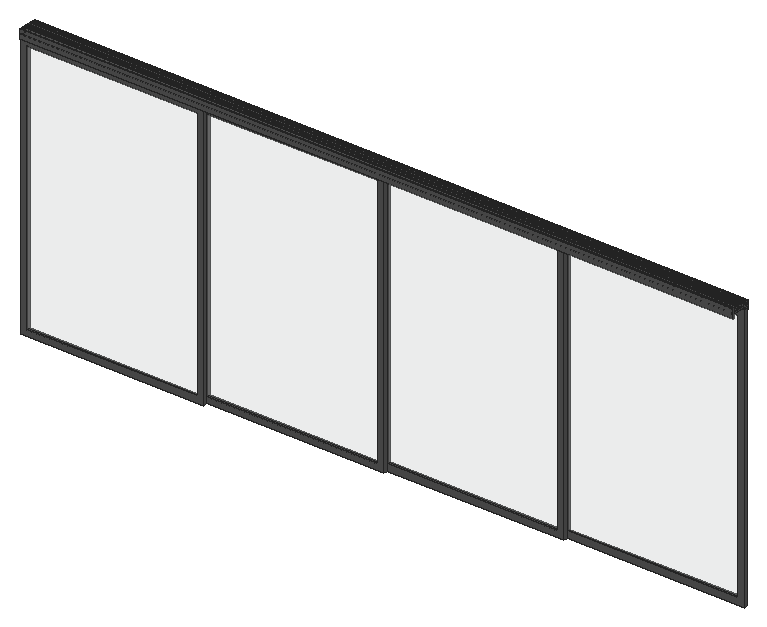
Revit family "Door_SS_The Sliding Door Company_4-Panel Quad Track", category Doors, host Wall, Revit 2019
Family settings
  Host = Wall
  OmniClass Number = 23.30.10.00
  OmniClass Title = Doors
  Always vertical = Yes
  Cut with Voids When Loaded = No
  Shared = No
  Room Calculation Point = No
Parameters (values of type "SS Room Divider - 4 Panel 4 Track - ABCD/DCBA")
  Upper Track Material [instance] = TSDC - Casing/Upper Track - Powder Coated Black
  URL = "https://www.slidingdoorco.com"
  Thickness = 1 1/4"  # constant formula
  Structural Support = "Suspended Systems MUST be installed into structural wood header"  # constant formula
  Stile and Rail = 2 1/2"
  Rough Width = Finished Opening Width + 5/8" * 2  # 281 1/4"
  Rough Height = Finished Opening Height + 5/8"  # 108 5/8"
  Panel Width = Width / 4 + 1 7/8"  # 71 7/8"
  Panel Height = Height - 2 1/4"  # 105 3/4"
  Open [instance] = no
  Model = "Suspended System - Full Height System"  # constant formula
  Manufacturer = "The Sliding Door Company"  # constant formula
  Limitations = "Panel Width x System Height cannot exceed 7,400 square inches"  # constant formula
  Glass Thickness = "Available in: 5mm Tempered, 7mm,10mm,11mm Laminated Glass"  # constant formula
  Glass Material [instance] = TSDC - Glass - Clear
  Function = Interior
  Height = if(Finished Opening Height > 122", 122", Finished Opening Height)  # 108"
  Wall Closure = By host
  Width = if(Finished Opening Width > 280", 280", Finished Opening Width)  # 280"
  Fire Rating = "N/A"  # constant formula
  Finished Opening Width = 280"
  Finished Opening Height = 108"
  Door Casing Material [instance] = TSDC - Casing/Upper Track - Powder Coated Black
  Description = "4 Panel Suspended System with 4 Track"  # constant formula
  Contact The Sliding Door Company = "https://www.slidingdoorco.com/contact"
  Construction Type = "Top Mounted, Suspended System"  # constant formula
  Configuration = "ABCD/DCBA Configuration"  # constant formula
  Closed [instance] = not(Open)  # yes
  Clear Opening Height = Finished Opening Height - 3 9/16"  # 104 7/16"
  Analytic Construction = "<None>"
  2 1/2" Frame (No Support Dividers) = "Max. H=108 in., Max. W=280 in. (72 in. panel width)"  # constant formula
Reference planes (in)
  plane 1 "Center (Front/Back)": y = 0
  plane 2 "Center (Left/Right)": x = 0
  plane 3 "Top": z = 108
  plane 4 "Exterior": y = 3
  plane 5 "Interior": y = -3
  plane 6: x = -140
  plane 7: x = 140
  plane 8: z = 0.625
  plane 9 "Top": z = 96
  plane 10 "2": z = 94.375
  plane 11 "3": z = 95.25
  plane 12 "Top": z = 96
  plane 13 "2": z = 94.375
  plane 14 "3": z = 95.25
  plane 15 "Top": z = 80
  plane 16: x = -50
  plane 17: x = 50
  plane 18 "2": z = 78.375
  plane 19 "3": z = 79.25
  plane 20: x = -70
  plane 21: x = 70
  plane 22: z = 106.20866
  plane 23: z = 105.20866
  plane 24 "4": z = 104.4375
  plane 25: x = -68.125
  plane 26: x = -70.625
  plane 27: x = 1.25
  plane 28: x = -1.25
  plane 29: x = 70.625
  plane 30: x = 68.125
Forms (in)
  Extrusion 1, solid, material "TSDC - Casing/Upper Track - Powder Coated Black" <- "Door Casing Material", visible <- "Closed"
    sketch origin (47.66587, 2.61969, 0) x (1, 0, 0) y (0, 0, 1)
      loop
        line (92.33413, 105.20866) -> (20.45913, 105.20866) -> (20.45913, 0.625) -> (92.33413, 0.625) -> (92.33413, 105.20866)
      loop
        line (89.83413, 102.70866) -> (22.95913, 102.70866) -> (22.95913, 3.125) -> (89.83413, 3.125) -> (89.83413, 102.70866)
    from 0 to 1.25
  Extrusion 2, solid, material "TSDC - Glass - Clear" <- "Glass Material", visible <- "Closed"
    sketch origin (47.66587, 2.11969, 0) x (1, 0, 0) y (0, 0, 1)
      loop
        line (89.83413, 102.70866) -> (22.95913, 102.70866) -> (22.95913, 3.125) -> (89.83413, 3.125) -> (89.83413, 102.70866)
    from 0 to 0.25
  Extrusion 3, solid, material "TSDC - Casing/Upper Track - Powder Coated Black", not visible
    sketch origin (0, 0.8784, 0.00198) x (0, 1, 0) y (0, 0, 1)
      loop
        line (1.17662, -0.00198) -> (1.7466, -0.00198) -> (1.7466, 0.11422) -> (1.63872, 0.16601) -> (1.5898, 0.16) -> (1.58595, 0.19134) -> (1.49638, 0.23434) -> (1.44746, 0.22833) -> (1.44362, 0.25967) -> (1.35493, 0.30224) -> (1.30601, 0.29623) -> (1.30216, 0.32757) -> (1.21825, 0.36785)
        arc (1.21825, 0.36785) -> (1.19583, 0.37043) -> (1.17662, 0.35859) r 0.03449
        line (1.17662, 0.35859) -> (1.17662, 0.26961) -> (1.14379, 0.26961) -> (1.14379, 0.30227) -> (1.11271, 0.30227) -> (1.11271, 0.05752) -> (1.14379, 0.05752) -> (1.14379, 0.08934) -> (1.17662, 0.08934) -> (1.17662, -0.00198)
      loop
        line (1.6966, 0.05) -> (1.6966, 0.08276) -> (1.2346, 0.30454) -> (1.2346, 0.05) -> (1.6966, 0.05)
    from -50 to 50
  Extrusion 4, solid, material "TSDC - Casing/Upper Track - Powder Coated Black", not visible
    sketch origin (0, 0.8784, 0.00198) x (0, 1, 0) y (0, 0, 1)
      loop
        arc (1.17662, 0.34104) -> (1.17081, 0.35508) -> (1.15677, 0.36093) r 0.01985
        line (1.15677, 0.36093) -> (1.07541, 0.36093)
        arc (1.07541, 0.36093) -> (1.06136, 0.3551) -> (1.05556, 0.34103) r 0.01985
        line (1.05556, 0.34103) -> (1.05556, 0.20299) -> (0.9831, 0.20299) -> (0.9831, 0.28602)
        arc (0.9831, 0.28602) -> (0.87384, 0.39506) -> (0.76472, 0.28588) r 0.10919
        line (0.76472, 0.28588) -> (0.82428, 0.28588)
        arc (0.82428, 0.28588) -> (0.87397, 0.3355) -> (0.92354, 0.28575) r 0.04963
        line (0.92354, 0.28575) -> (0.92354, 0.14753) -> (1.05556, 0.10767) -> (1.05556, 0.05757) -> (0.38753, 0.05757) -> (0.38753, 0.36093) -> (-0.56932, 0.36093) -> (-0.56932, 0.20299) -> (-0.64178, 0.20299) -> (-0.64178, 0.28602)
        arc (-0.64178, 0.28602) -> (-0.75104, 0.39506) -> (-0.86016, 0.28588) r 0.10919
        line (-0.86016, 0.28588) -> (-0.8006, 0.28588)
        arc (-0.8006, 0.28588) -> (-0.75091, 0.3355) -> (-0.70134, 0.28575) r 0.04963
        line (-0.70134, 0.28575) -> (-0.70134, 0.14753) -> (-0.56932, 0.10767) -> (-0.56932, 0.05757) -> (-1.23735, 0.05757) -> (-1.23735, 0.36093) -> (-2.19421, 0.36093) -> (-2.19421, 0.20299) -> (-2.26667, 0.20299) -> (-2.26667, 0.28602)
        arc (-2.26667, 0.28602) -> (-2.37592, 0.39506) -> (-2.48504, 0.28588) r 0.10919
        line (-2.48504, 0.28588) -> (-2.42548, 0.28588)
        arc (-2.42548, 0.28588) -> (-2.37579, 0.3355) -> (-2.32622, 0.28575) r 0.04963
        line (-2.32622, 0.28575) -> (-2.32622, 0.14753) -> (-2.19421, 0.10767) -> (-2.19421, 0.05757) -> (-2.86223, 0.05757) -> (-2.86223, 0.34103)
        arc (-2.86223, 0.34103) -> (-2.86803, 0.3551) -> (-2.88208, 0.36093) r 0.01985
        line (-2.88208, 0.36093) -> (-2.96344, 0.36093)
        arc (-2.96344, 0.36093) -> (-2.97751, 0.35509) -> (-2.9833, 0.341) r 0.01985
        line (-2.9833, 0.341) -> (-2.9833, 0.26961) -> (-2.95059, 0.26961) -> (-2.95059, 0.30227) -> (-2.91939, 0.30227) -> (-2.91939, 0.05752) -> (-2.95046, 0.05752) -> (-2.95046, 0.08934) -> (-2.9833, 0.08934) -> (-2.9833, -0.00198) -> (-2.13705, -0.00198) -> (-2.10598, 0.05752) -> (-2.13705, 0.05752) -> (-2.13705, 0.30227) -> (-1.29451, 0.30227) -> (-1.29451, 0.05752) -> (-1.32558, 0.05752) -> (-1.29451, -0.00198) -> (-0.51217, -0.00198) -> (-0.4811, 0.05752) -> (-0.51217, 0.05752) -> (-0.51217, 0.30227) -> (0.33038, 0.30227) -> (0.33038, 0.05752) -> (0.2993, 0.05752) -> (0.33038, -0.00198) -> (1.17662, -0.00198) -> (1.17662, 0.08934) -> (1.14379, 0.08934) -> (1.14379, 0.05752) -> (1.11271, 0.05752) -> (1.11271, 0.30227) -> (1.14379, 0.30227) -> (1.14379, 0.26961) -> (1.17662, 0.26961) -> (1.17662, 0.34104)
    from -50 to 50
  Extrusion 5, solid, material "TSDC - Casing/Upper Track - Powder Coated Black", not visible
    sketch origin (0, -0.92827, 0.00198) x (0, -1, 0) y (0, 0, -1)
      loop
        line (1.17662, 0.00198) -> (1.17662, -0.08934) -> (1.14379, -0.08934) -> (1.14379, -0.05752) -> (1.11271, -0.05752) -> (1.11271, -0.30227) -> (1.14379, -0.30227) -> (1.14379, -0.26961) -> (1.17662, -0.26961) -> (1.17662, -0.35859)
        arc (1.17662, -0.35859) -> (1.19583, -0.37043) -> (1.21825, -0.36785) r 0.03449
        line (1.21825, -0.36785) -> (1.30216, -0.32757) -> (1.30601, -0.29623) -> (1.35493, -0.30224) -> (1.44362, -0.25967) -> (1.44746, -0.22833) -> (1.49638, -0.23434) -> (1.58595, -0.19134) -> (1.5898, -0.16) -> (1.63872, -0.16601) -> (1.7466, -0.11422) -> (1.7466, 0.00198) -> (1.17662, 0.00198)
      loop
        line (1.6966, -0.05) -> (1.2346, -0.05) -> (1.2346, -0.30454) -> (1.6966, -0.08276) -> (1.6966, -0.05)
    from -50 to 50
  Extrusion 6, solid, material "TSDC - Casing/Upper Track - Powder Coated Black", not visible
    sketch origin (0, 1.25781, 0) x (0, 1, 0) y (0, 0, 1)
      loop
        line (1.74219, 96) -> (-2.99219, 96) -> (-2.99219, 93.875) -> (-2.93359, 93.875) -> (-2.93359, 95.94141) -> (-1.43359, 95.94141) -> (-1.43359, 93.875) -> (-1.375, 93.875) -> (-1.375, 95.94141) -> (0.125, 95.94141) -> (0.125, 93.875) -> (0.18359, 93.875) -> (0.18359, 95.94141) -> (1.68359, 95.94141) -> (1.68359, 93.875) -> (1.74219, 93.875) -> (1.74219, 96)
    from -50 to 50
  Extrusion 7, solid, material "TSDC - Casing/Upper Track - Powder Coated Black", visible <- "Open", not visible
    sketch origin (-18.0008, 2.81641, 0) x (1, 0, 0) y (0, 0, 1)
      loop
        line (2.33413, 94.375) -> (-31.9992, 94.375) -> (-31.9992, 0.625) -> (2.33413, 0.625) -> (2.33413, 94.375)
      loop
        line (0.83413, 92.875) -> (-30.4992, 92.875) -> (-30.4992, 2.125) -> (0.83413, 2.125) -> (0.83413, 92.875)
    from 0 to 1.25
  Extrusion 8, solid, material "TSDC - Glass - Clear", visible <- "Open", not visible
    sketch origin (-18.0008, 2.31641, 0) x (1, 0, 0) y (0, 0, 1)
      loop
        line (0.83413, 92.875) -> (-30.4992, 92.875) -> (-30.4992, 2.125) -> (0.83413, 2.125) -> (0.83413, 92.875)
    from 0 to 0.25
  Extrusion 9, solid, material "TSDC - Casing/Upper Track - Powder Coated Black", visible <- "Open", not visible
    sketch origin (-44.66746, 1.25781, 0) x (1, 0, 0) y (0, 0, 1)
      loop
        line (29.0008, 94.375) -> (-5.33254, 94.375) -> (-5.33254, 0.625) -> (29.0008, 0.625) -> (29.0008, 94.375)
      loop
        line (27.5008, 92.875) -> (-3.83254, 92.875) -> (-3.83254, 2.125) -> (27.5008, 2.125) -> (27.5008, 92.875)
    from 0 to 1.25
  Extrusion 10, solid, material "TSDC - Glass - Clear", visible <- "Open", not visible
    sketch origin (-44.66746, 0.75781, 0) x (1, 0, 0) y (0, 0, 1)
      loop
        line (27.5008, 92.875) -> (-3.83254, 92.875) -> (-3.83254, 2.125) -> (27.5008, 2.125) -> (27.5008, 92.875)
    from 0 to 0.25
  Extrusion 11, solid, material "TSDC - Casing/Upper Track - Powder Coated Black", visible <- "Open", not visible
    sketch origin (-71.33413, -0.30078, 0) x (1, 0, 0) y (0, 0, 1)
      loop
        line (55.66746, 94.375) -> (21.33413, 94.375) -> (21.33413, 0.625) -> (55.66746, 0.625) -> (55.66746, 94.375)
      loop
        line (54.16746, 92.875) -> (22.83413, 92.875) -> (22.83413, 2.125) -> (54.16746, 2.125) -> (54.16746, 92.875)
    from 0 to 1.25
  Extrusion 12, solid, material "TSDC - Glass - Clear", visible <- "Open", not visible
    sketch origin (-71.33413, -0.80078, 0) x (1, 0, 0) y (0, 0, 1)
      loop
        line (54.16746, 92.875) -> (22.83413, 92.875) -> (22.83413, 2.125) -> (54.16746, 2.125) -> (54.16746, 92.875)
    from 0 to 0.25
  Extrusion 13, solid, material "TSDC - Casing/Upper Track - Powder Coated Black", visible <- "Closed", not visible
    sketch origin (-11.83413, 1.25781, 0) x (1, 0, 0) y (0, 0, 1)
      loop
        line (29.0008, 94.375) -> (-5.33254, 94.375) -> (-5.33254, 0.625) -> (29.0008, 0.625) -> (29.0008, 94.375)
      loop
        line (27.5008, 92.875) -> (-3.83254, 92.875) -> (-3.83254, 2.125) -> (27.5008, 2.125) -> (27.5008, 92.875)
    from 0 to 1.25
  Extrusion 14, solid, material "TSDC - Glass - Clear", visible <- "Closed", not visible
    sketch origin (-11.83413, 0.75781, 0) x (1, 0, 0) y (0, 0, 1)
      loop
        line (27.5008, 92.875) -> (-3.83254, 92.875) -> (-3.83254, 2.125) -> (27.5008, 2.125) -> (27.5008, 92.875)
    from 0 to 0.25
  Extrusion 15, solid, material "TSDC - Casing/Upper Track - Powder Coated Black", visible <- "Closed", not visible
    sketch origin (47.66587, 2.81641, 0) x (1, 0, 0) y (0, 0, 1)
      loop
        line (2.33413, 94.375) -> (-31.9992, 94.375) -> (-31.9992, 0.625) -> (2.33413, 0.625) -> (2.33413, 94.375)
      loop
        line (0.83413, 92.875) -> (-30.4992, 92.875) -> (-30.4992, 2.125) -> (0.83413, 2.125) -> (0.83413, 92.875)
    from 0 to 1.25
  Extrusion 16, solid, material "TSDC - Glass - Clear", visible <- "Closed", not visible
    sketch origin (47.66587, 2.31641, 0) x (1, 0, 0) y (0, 0, 1)
      loop
        line (0.83413, 92.875) -> (-30.4992, 92.875) -> (-30.4992, 2.125) -> (0.83413, 2.125) -> (0.83413, 92.875)
    from 0 to 0.25
  Extrusion 17, solid, material "TSDC - Casing/Upper Track - Powder Coated Black", visible <- "Closed", not visible
    sketch origin (-71.33413, -0.30078, 0) x (1, 0, 0) y (0, 0, 1)
      loop
        line (55.66746, 94.375) -> (21.33413, 94.375) -> (21.33413, 0.625) -> (55.66746, 0.625) -> (55.66746, 94.375)
      loop
        line (54.16746, 92.875) -> (22.83413, 92.875) -> (22.83413, 2.125) -> (54.16746, 2.125) -> (54.16746, 92.875)
    from 0 to 1.25
  Extrusion 18, solid, material "TSDC - Glass - Clear", visible <- "Closed", not visible
    sketch origin (-71.33413, -0.80078, 0) x (1, 0, 0) y (0, 0, 1)
      loop
        line (54.16746, 92.875) -> (22.83413, 92.875) -> (22.83413, 2.125) -> (54.16746, 2.125) -> (54.16746, 92.875)
    from 0 to 0.25
  Extrusion 19, solid, material "TSDC - Casing/Upper Track - Powder Coated Black", not visible
    sketch origin (0, 1.25781, 0) x (0, 1, 0) y (0, 0, 1)
      loop
        line (1.74219, 96) -> (-2.99219, 96) -> (-2.99219, 93.875) -> (-2.93359, 93.875) -> (-2.93359, 95.94141) -> (-1.43359, 95.94141) -> (-1.43359, 93.875) -> (-1.375, 93.875) -> (-1.375, 95.94141) -> (0.125, 95.94141) -> (0.125, 93.875) -> (0.18359, 93.875) -> (0.18359, 95.94141) -> (1.68359, 95.94141) -> (1.68359, 93.875) -> (1.74219, 93.875) -> (1.74219, 96)
    from -50 to 50
  Extrusion 20, solid, material "TSDC - Casing/Upper Track - Powder Coated Black", not visible
    sketch origin (0, 1.25781, 0) x (0, 1, 0) y (0, 0, 1)
      loop
        line (1.74219, 96) -> (-2.99219, 96) -> (-2.99219, 93.875) -> (-2.93359, 93.875) -> (-2.93359, 95.94141) -> (-1.43359, 95.94141) -> (-1.43359, 93.875) -> (-1.375, 93.875) -> (-1.375, 95.94141) -> (0.125, 95.94141) -> (0.125, 93.875) -> (0.18359, 93.875) -> (0.18359, 95.94141) -> (1.68359, 95.94141) -> (1.68359, 93.875) -> (1.74219, 93.875) -> (1.74219, 96)
    from -50 to 50
  Extrusion 21, solid, material "TSDC - Casing/Upper Track - Powder Coated Black", not visible
    sketch origin (0, 1.25781, 0) x (0, 1, 0) y (0, 0, 1)
      loop
        line (1.74219, 96) -> (-2.99219, 96) -> (-2.99219, 93.875) -> (-2.93359, 93.875) -> (-2.93359, 95.94141) -> (-1.43359, 95.94141) -> (-1.43359, 93.875) -> (-1.375, 93.875) -> (-1.375, 95.94141) -> (0.125, 95.94141) -> (0.125, 93.875) -> (0.18359, 93.875) -> (0.18359, 95.94141) -> (1.68359, 95.94141) -> (1.68359, 93.875) -> (1.74219, 93.875) -> (1.74219, 96)
    from -50 to 50
  Extrusion 22, solid, material "TSDC - Casing/Upper Track - Powder Coated Black", not visible
    sketch origin (0, 0.8784, 0.00198) x (0, 1, 0) y (0, 0, 1)
      loop
        line (1.17662, -0.00198) -> (1.7466, -0.00198) -> (1.7466, 0.11422) -> (1.63872, 0.16601) -> (1.5898, 0.16) -> (1.58595, 0.19134) -> (1.49638, 0.23434) -> (1.44746, 0.22833) -> (1.44362, 0.25967) -> (1.35493, 0.30224) -> (1.30601, 0.29623) -> (1.30216, 0.32757) -> (1.21825, 0.36785)
        arc (1.21825, 0.36785) -> (1.19583, 0.37043) -> (1.17662, 0.35859) r 0.03449
        line (1.17662, 0.35859) -> (1.17662, 0.26961) -> (1.14379, 0.26961) -> (1.14379, 0.30227) -> (1.11271, 0.30227) -> (1.11271, 0.05752) -> (1.14379, 0.05752) -> (1.14379, 0.08934) -> (1.17662, 0.08934) -> (1.17662, -0.00198)
      loop
        line (1.6966, 0.05) -> (1.6966, 0.08276) -> (1.2346, 0.30454) -> (1.2346, 0.05) -> (1.6966, 0.05)
    from -50 to 50
  Extrusion 23, solid, material "TSDC - Casing/Upper Track - Powder Coated Black", not visible
    sketch origin (0, 0.8784, 0.00198) x (0, 1, 0) y (0, 0, 1)
      loop
        arc (1.17662, 0.34104) -> (1.17081, 0.35508) -> (1.15677, 0.36093) r 0.01985
        line (1.15677, 0.36093) -> (1.07541, 0.36093)
        arc (1.07541, 0.36093) -> (1.06136, 0.3551) -> (1.05556, 0.34103) r 0.01985
        line (1.05556, 0.34103) -> (1.05556, 0.20299) -> (0.9831, 0.20299) -> (0.9831, 0.28602)
        arc (0.9831, 0.28602) -> (0.87384, 0.39506) -> (0.76472, 0.28588) r 0.10919
        line (0.76472, 0.28588) -> (0.82428, 0.28588)
        arc (0.82428, 0.28588) -> (0.87397, 0.3355) -> (0.92354, 0.28575) r 0.04963
        line (0.92354, 0.28575) -> (0.92354, 0.14753) -> (1.05556, 0.10767) -> (1.05556, 0.05757) -> (0.38753, 0.05757) -> (0.38753, 0.36093) -> (-0.56932, 0.36093) -> (-0.56932, 0.20299) -> (-0.64178, 0.20299) -> (-0.64178, 0.28602)
        arc (-0.64178, 0.28602) -> (-0.75104, 0.39506) -> (-0.86016, 0.28588) r 0.10919
        line (-0.86016, 0.28588) -> (-0.8006, 0.28588)
        arc (-0.8006, 0.28588) -> (-0.75091, 0.3355) -> (-0.70134, 0.28575) r 0.04963
        line (-0.70134, 0.28575) -> (-0.70134, 0.14753) -> (-0.56932, 0.10767) -> (-0.56932, 0.05757) -> (-1.23735, 0.05757) -> (-1.23735, 0.36093) -> (-2.19421, 0.36093) -> (-2.19421, 0.20299) -> (-2.26667, 0.20299) -> (-2.26667, 0.28602)
        arc (-2.26667, 0.28602) -> (-2.37592, 0.39506) -> (-2.48504, 0.28588) r 0.10919
        line (-2.48504, 0.28588) -> (-2.42548, 0.28588)
        arc (-2.42548, 0.28588) -> (-2.37579, 0.3355) -> (-2.32622, 0.28575) r 0.04963
        line (-2.32622, 0.28575) -> (-2.32622, 0.14753) -> (-2.19421, 0.10767) -> (-2.19421, 0.05757) -> (-2.86223, 0.05757) -> (-2.86223, 0.34103)
        arc (-2.86223, 0.34103) -> (-2.86803, 0.3551) -> (-2.88208, 0.36093) r 0.01985
        line (-2.88208, 0.36093) -> (-2.96344, 0.36093)
        arc (-2.96344, 0.36093) -> (-2.97751, 0.35509) -> (-2.9833, 0.341) r 0.01985
        line (-2.9833, 0.341) -> (-2.9833, 0.26961) -> (-2.95059, 0.26961) -> (-2.95059, 0.30227) -> (-2.91939, 0.30227) -> (-2.91939, 0.05752) -> (-2.95046, 0.05752) -> (-2.95046, 0.08934) -> (-2.9833, 0.08934) -> (-2.9833, -0.00198) -> (-2.13705, -0.00198) -> (-2.10598, 0.05752) -> (-2.13705, 0.05752) -> (-2.13705, 0.30227) -> (-1.29451, 0.30227) -> (-1.29451, 0.05752) -> (-1.32558, 0.05752) -> (-1.29451, -0.00198) -> (-0.51217, -0.00198) -> (-0.4811, 0.05752) -> (-0.51217, 0.05752) -> (-0.51217, 0.30227) -> (0.33038, 0.30227) -> (0.33038, 0.05752) -> (0.2993, 0.05752) -> (0.33038, -0.00198) -> (1.17662, -0.00198) -> (1.17662, 0.08934) -> (1.14379, 0.08934) -> (1.14379, 0.05752) -> (1.11271, 0.05752) -> (1.11271, 0.30227) -> (1.14379, 0.30227) -> (1.14379, 0.26961) -> (1.17662, 0.26961) -> (1.17662, 0.34104)
    from -50 to 50
  Extrusion 24, solid, material "TSDC - Casing/Upper Track - Powder Coated Black", not visible
    sketch origin (0, -0.92827, 0.00198) x (0, -1, 0) y (0, 0, -1)
      loop
        line (1.17662, 0.00198) -> (1.17662, -0.08934) -> (1.14379, -0.08934) -> (1.14379, -0.05752) -> (1.11271, -0.05752) -> (1.11271, -0.30227) -> (1.14379, -0.30227) -> (1.14379, -0.26961) -> (1.17662, -0.26961) -> (1.17662, -0.35859)
        arc (1.17662, -0.35859) -> (1.19583, -0.37043) -> (1.21825, -0.36785) r 0.03449
        line (1.21825, -0.36785) -> (1.30216, -0.32757) -> (1.30601, -0.29623) -> (1.35493, -0.30224) -> (1.44362, -0.25967) -> (1.44746, -0.22833) -> (1.49638, -0.23434) -> (1.58595, -0.19134) -> (1.5898, -0.16) -> (1.63872, -0.16601) -> (1.7466, -0.11422) -> (1.7466, 0.00198) -> (1.17662, 0.00198)
      loop
        line (1.6966, -0.05) -> (1.2346, -0.05) -> (1.2346, -0.30454) -> (1.6966, -0.08276) -> (1.6966, -0.05)
    from -50 to 50
  Extrusion 25, solid, material "TSDC - Casing/Upper Track - Powder Coated Black", not visible
    sketch origin (0, 1.25781, -16) x (0, 1, 0) y (0, 0, 1)
      loop
        line (1.74219, 96) -> (-2.99219, 96) -> (-2.99219, 93.875) -> (-2.93359, 93.875) -> (-2.93359, 95.94141) -> (-1.43359, 95.94141) -> (-1.43359, 93.875) -> (-1.375, 93.875) -> (-1.375, 95.94141) -> (0.125, 95.94141) -> (0.125, 93.875) -> (0.18359, 93.875) -> (0.18359, 95.94141) -> (1.68359, 95.94141) -> (1.68359, 93.875) -> (1.74219, 93.875) -> (1.74219, 96)
    from -50 to 50
  Extrusion 26, solid, material "TSDC - Casing/Upper Track - Powder Coated Black" <- "Door Casing Material", visible <- "Closed"
    sketch origin (23.04087, 0.91876, 0) x (1, 0, 0) y (0, 0, 1)
      loop
        line (47.58413, 105.20866) -> (-24.29087, 105.20866) -> (-24.29087, 0.625) -> (47.58413, 0.625) -> (47.58413, 105.20866)
      loop
        line (45.08413, 102.70866) -> (-21.79087, 102.70866) -> (-21.79087, 3.125) -> (45.08413, 3.125) -> (45.08413, 102.70866)
    from 0 to 1.25
  Extrusion 27, solid, material "TSDC - Glass - Clear" <- "Glass Material", visible <- "Closed"
    sketch origin (23.04087, 0.41876, 0) x (1, 0, 0) y (0, 0, 1)
      loop
        line (45.08413, 102.70866) -> (-21.79087, 102.70866) -> (-21.79087, 3.125) -> (45.08413, 3.125) -> (45.08413, 102.70866)
    from 0 to 0.25
  Extrusion 28, solid, material "TSDC - Casing/Upper Track - Powder Coated Black" <- "Door Casing Material", visible <- "Closed"
    sketch origin (-1.58413, -0.78218, 0) x (1, 0, 0) y (0, 0, 1)
      loop
        line (2.83413, 105.20866) -> (-69.04087, 105.20866) -> (-69.04087, 0.625) -> (2.83413, 0.625) -> (2.83413, 105.20866)
      loop
        line (0.33413, 102.70866) -> (-66.54087, 102.70866) -> (-66.54087, 3.125) -> (0.33413, 3.125) -> (0.33413, 102.70866)
    from 0 to 1.25
  Extrusion 29, solid, material "TSDC - Glass - Clear" <- "Glass Material", visible <- "Closed"
    sketch origin (-1.58413, -1.28218, 0) x (1, 0, 0) y (0, 0, 1)
      loop
        line (0.33413, 102.70866) -> (-66.54087, 102.70866) -> (-66.54087, 3.125) -> (0.33413, 3.125) -> (0.33413, 102.70866)
    from 0 to 0.25
  Extrusion 30, solid, material "TSDC - Casing/Upper Track - Powder Coated Black" <- "Door Casing Material", visible <- "Open"
    sketch origin (-102.70913, 2.61969, 0) x (1, 0, 0) y (0, 0, 1)
      loop
        line (34.58413, 105.20866) -> (-37.29087, 105.20866) -> (-37.29087, 0.625) -> (34.58413, 0.625) -> (34.58413, 105.20866)
      loop
        line (32.08413, 102.70866) -> (-34.79087, 102.70866) -> (-34.79087, 3.125) -> (32.08413, 3.125) -> (32.08413, 102.70866)
    from 0 to 1.25
  Extrusion 31, solid, material "TSDC - Glass - Clear" <- "Glass Material", visible <- "Open"
    sketch origin (-102.70913, 2.11969, 0) x (1, 0, 0) y (0, 0, 1)
      loop
        line (32.08413, 102.70866) -> (-34.79087, 102.70866) -> (-34.79087, 3.125) -> (32.08413, 3.125) -> (32.08413, 102.70866)
    from 0 to 0.25
  Extrusion 32, solid, material "TSDC - Casing/Upper Track - Powder Coated Black" <- "Door Casing Material", visible <- "Open"
    sketch origin (-77.20913, 0.91876, 0) x (1, 0, 0) y (0, 0, 1)
      loop
        line (9.08413, 105.20866) -> (-62.79087, 105.20866) -> (-62.79087, 0.625) -> (9.08413, 0.625) -> (9.08413, 105.20866)
      loop
        line (6.58413, 102.70866) -> (-60.29087, 102.70866) -> (-60.29087, 3.125) -> (6.58413, 3.125) -> (6.58413, 102.70866)
    from 0 to 1.25
  Extrusion 33, solid, material "TSDC - Glass - Clear" <- "Glass Material", visible <- "Open"
    sketch origin (-77.20913, 0.41876, 0) x (1, 0, 0) y (0, 0, 1)
      loop
        line (6.58413, 102.70866) -> (-60.29087, 102.70866) -> (-60.29087, 3.125) -> (6.58413, 3.125) -> (6.58413, 102.70866)
    from 0 to 0.25
  Extrusion 34, solid, material "TSDC - Casing/Upper Track - Powder Coated Black" <- "Door Casing Material", visible <- "Open"
    sketch origin (-51.70913, -0.78218, 0) x (1, 0, 0) y (0, 0, 1)
      loop
        line (-16.41587, 105.20866) -> (-88.29087, 105.20866) -> (-88.29087, 0.625) -> (-16.41587, 0.625) -> (-16.41587, 105.20866)
      loop
        line (-18.91587, 102.70866) -> (-85.79087, 102.70866) -> (-85.79087, 3.125) -> (-18.91587, 3.125) -> (-18.91587, 102.70866)
    from 0 to 1.25
  Extrusion 35, solid, material "TSDC - Glass - Clear" <- "Glass Material", visible <- "Open"
    sketch origin (-51.70913, -1.28218, 0) x (1, 0, 0) y (0, 0, 1)
      loop
        line (-18.91587, 102.70866) -> (-85.79087, 102.70866) -> (-85.79087, 3.125) -> (-18.91587, 3.125) -> (-18.91587, 102.70866)
    from 0 to 0.25
  Extrusion 36, solid, material "TSDC - Casing/Upper Track - Powder Coated Black" <- "Door Casing Material", visible <- "Open"
    sketch origin (-26.20913, -2.48437, 0) x (1, 0, 0) y (0, 0, 1)
      loop
        line (-41.91587, 105.20866) -> (-113.79087, 105.20866) -> (-113.79087, 0.625) -> (-41.91587, 0.625) -> (-41.91587, 105.20866)
      loop
        line (-44.41587, 102.70866) -> (-111.29087, 102.70866) -> (-111.29087, 3.125) -> (-44.41587, 3.125) -> (-44.41587, 102.70866)
    from 0 to 1.25
  Extrusion 37, solid, material "TSDC - Glass - Clear" <- "Glass Material", visible <- "Open"
    sketch origin (-26.20913, -2.98437, 0) x (1, 0, 0) y (0, 0, 1)
      loop
        line (-44.41587, 102.70866) -> (-111.29087, 102.70866) -> (-111.29087, 3.125) -> (-44.41587, 3.125) -> (-44.41587, 102.70866)
    from 0 to 0.25
  Extrusion 38, solid, material "TSDC - Casing/Upper Track - Powder Coated Black" <- "Door Casing Material", visible <- "Closed"
    sketch origin (-26.20913, -2.48437, 0) x (1, 0, 0) y (0, 0, 1)
      loop
        line (-41.91587, 105.20866) -> (-113.79087, 105.20866) -> (-113.79087, 0.625) -> (-41.91587, 0.625) -> (-41.91587, 105.20866)
      loop
        line (-44.41587, 102.70866) -> (-111.29087, 102.70866) -> (-111.29087, 3.125) -> (-44.41587, 3.125) -> (-44.41587, 102.70866)
    from 0 to 1.25
  Extrusion 39, solid, material "TSDC - Glass - Clear" <- "Glass Material", visible <- "Closed"
    sketch origin (-26.20913, -2.98437, 0) x (1, 0, 0) y (0, 0, 1)
      loop
        line (-44.41587, 102.70866) -> (-111.29087, 102.70866) -> (-111.29087, 3.125) -> (-44.41587, 3.125) -> (-44.41587, 102.70866)
    from 0 to 0.25
  Extrusion 40, solid, material "TSDC - Casing/Upper Track - Powder Coated Black" <- "Upper Track Material"
    sketch origin (0, -3.99219, 14) x (0, 1, 0) y (0, 0, 1)
      loop
        line (6.77485, 92.30866) -> (6.77485, 93.83805)
        arc (6.77485, 93.83805) -> (6.74556, 93.90876) -> (6.67485, 93.93805) r 0.1
        line (6.67485, 93.93805) -> (6.46222, 93.93805) -> (6.46222, 94) -> (5.51154, 94) -> (5.51154, 93.93805) -> (5.29891, 93.93805)
        arc (5.29891, 93.93805) -> (5.2282, 93.90876) -> (5.19891, 93.83805) r 0.1
        line (5.19891, 93.83805) -> (5.19891, 92.30866)
        arc (5.19891, 92.30866) -> (5.2282, 92.23795) -> (5.29891, 92.20866) r 0.1
        line (5.29891, 92.20866) -> (5.7739, 92.20866) -> (5.7739, 92.42325) -> (5.73907, 92.42325)
        arc (5.73907, 92.42325) -> (5.61684, 92.36548) -> (5.49461, 92.42325) r 0.15819
        line (5.49461, 92.42325) -> (5.41424, 92.42325)
        arc (5.41424, 92.42325) -> (5.4001, 92.42911) -> (5.39424, 92.44325) r 0.02
        line (5.39424, 92.44325) -> (5.39424, 93.78467)
        arc (5.39424, 93.78467) -> (5.4001, 93.79881) -> (5.41424, 93.80467) r 0.02
        line (5.41424, 93.80467) -> (6.55952, 93.80467)
        arc (6.55952, 93.80467) -> (6.57366, 93.79881) -> (6.57952, 93.78467) r 0.02
        line (6.57952, 93.78467) -> (6.57952, 92.44325)
        arc (6.57952, 92.44325) -> (6.57366, 92.42911) -> (6.55952, 92.42325) r 0.02
        line (6.55952, 92.42325) -> (6.47867, 92.42325)
        arc (6.47867, 92.42325) -> (6.35643, 92.36548) -> (6.2342, 92.42325) r 0.15819
        line (6.2342, 92.42325) -> (6.19986, 92.42325) -> (6.19986, 92.20866) -> (6.67485, 92.20866)
        arc (6.67485, 92.20866) -> (6.74556, 92.23795) -> (6.77485, 92.30866) r 0.1
      loop
        line (6.92891, 93.74442) -> (6.78285, 93.74442) -> (6.78285, 93.7059) -> (6.92891, 93.7059) -> (6.92891, 92.44117) -> (6.78285, 92.44117) -> (6.78285, 92.40266) -> (6.92691, 92.40266) -> (6.92904, 92.18765) -> (6.52135, 92.18765) -> (6.52135, 92.14914) -> (6.92891, 92.14914) -> (6.92891, 90.4375) -> (6.99219, 90.4375) -> (6.99219, 94) -> (6.52135, 94) -> (6.52135, 93.96148) -> (6.92891, 93.96148) -> (6.92891, 93.74442)
      loop
        line (5.07391, 92.30866) -> (5.07391, 93.83805)
        arc (5.07391, 93.83805) -> (5.04462, 93.90876) -> (4.97391, 93.93805) r 0.1
        line (4.97391, 93.93805) -> (4.76128, 93.93805) -> (4.76128, 94) -> (3.8106, 94) -> (3.8106, 93.93805) -> (3.59797, 93.93805)
        arc (3.59797, 93.93805) -> (3.52726, 93.90876) -> (3.49797, 93.83805) r 0.1
        line (3.49797, 93.83805) -> (3.49797, 92.30866)
        arc (3.49797, 92.30866) -> (3.52726, 92.23795) -> (3.59797, 92.20866) r 0.1
        line (3.59797, 92.20866) -> (4.07296, 92.20866) -> (4.07296, 92.42325) -> (4.03814, 92.42325)
        arc (4.03814, 92.42325) -> (3.9159, 92.36548) -> (3.79367, 92.42325) r 0.15819
        line (3.79367, 92.42325) -> (3.7133, 92.42325)
        arc (3.7133, 92.42325) -> (3.69916, 92.42911) -> (3.6933, 92.44325) r 0.02
        line (3.6933, 92.44325) -> (3.6933, 93.78467)
        arc (3.6933, 93.78467) -> (3.69916, 93.79881) -> (3.7133, 93.80467) r 0.02
        line (3.7133, 93.80467) -> (4.85858, 93.80467)
        arc (4.85858, 93.80467) -> (4.87272, 93.79881) -> (4.87858, 93.78467) r 0.02
        line (4.87858, 93.78467) -> (4.87858, 92.44325)
        arc (4.87858, 92.44325) -> (4.87272, 92.42911) -> (4.85858, 92.42325) r 0.02
        line (4.85858, 92.42325) -> (4.77773, 92.42325)
        arc (4.77773, 92.42325) -> (4.6555, 92.36548) -> (4.53327, 92.42325) r 0.15819
        line (4.53327, 92.42325) -> (4.49893, 92.42325) -> (4.49893, 92.20866) -> (4.97391, 92.20866)
        arc (4.97391, 92.20866) -> (5.04462, 92.23795) -> (5.07391, 92.30866) r 0.1
      loop
        arc (0.0961, 92.30866) -> (0.12539, 92.23795) -> (0.1961, 92.20866) r 0.1
        line (0.1961, 92.20866) -> (0.67109, 92.20866) -> (0.67109, 92.42325) -> (0.63675, 92.42325)
        arc (0.63675, 92.42325) -> (0.51451, 92.36548) -> (0.39228, 92.42325) r 0.15819
        line (0.39228, 92.42325) -> (0.31143, 92.42325)
        arc (0.31143, 92.42325) -> (0.29729, 92.42911) -> (0.29143, 92.44325) r 0.02
        line (0.29143, 92.44325) -> (0.29143, 93.78467)
        arc (0.29143, 93.78467) -> (0.29729, 93.79881) -> (0.31143, 93.80467) r 0.02
        line (0.31143, 93.80467) -> (1.45671, 93.80467)
        arc (1.45671, 93.80467) -> (1.47085, 93.79881) -> (1.47671, 93.78467) r 0.02
        line (1.47671, 93.78467) -> (1.47671, 92.44325)
        arc (1.47671, 92.44325) -> (1.47085, 92.42911) -> (1.45671, 92.42325) r 0.02
        line (1.45671, 92.42325) -> (1.37634, 92.42325)
        arc (1.37634, 92.42325) -> (1.25411, 92.36548) -> (1.13188, 92.42325) r 0.15819
        line (1.13188, 92.42325) -> (1.09705, 92.42325) -> (1.09705, 92.20866) -> (1.57204, 92.20866)
        arc (1.57204, 92.20866) -> (1.64275, 92.23795) -> (1.67204, 92.30866) r 0.1
        line (1.67204, 92.30866) -> (1.67204, 93.83805)
        arc (1.67204, 93.83805) -> (1.64275, 93.90876) -> (1.57204, 93.93805) r 0.1
        line (1.57204, 93.93805) -> (1.35941, 93.93805) -> (1.35941, 94) -> (0.40873, 94) -> (0.40873, 93.93805) -> (0.1961, 93.93805)
        arc (0.1961, 93.93805) -> (0.12539, 93.90876) -> (0.0961, 93.83805) r 0.1
        line (0.0961, 93.83805) -> (0.0961, 92.30866)
      loop
        line (-0.05796, 93.74442) -> (-0.05796, 93.96148) -> (0.3496, 93.96148) -> (0.3496, 94) -> (-0.12124, 94) -> (-0.12124, 90.4375) -> (-0.05796, 90.4375) -> (-0.05796, 92.14914) -> (0.3496, 92.14914) -> (0.3496, 92.18765) -> (-0.05809, 92.18765) -> (-0.05596, 92.40266) -> (0.0881, 92.40266) -> (0.0881, 92.44117) -> (-0.05796, 92.44117) -> (-0.05796, 93.7059) -> (0.0881, 93.7059) -> (0.0881, 93.74442) -> (-0.05796, 93.74442)
      loop
        line (3.37297, 92.30866) -> (3.37297, 93.83805)
        arc (3.37297, 93.83805) -> (3.34369, 93.90876) -> (3.27297, 93.93805) r 0.1
        line (3.27297, 93.93805) -> (3.06035, 93.93805) -> (3.06035, 94) -> (2.10967, 94) -> (2.10967, 93.93805) -> (1.89704, 93.93805)
        arc (1.89704, 93.93805) -> (1.82633, 93.90876) -> (1.79704, 93.83805) r 0.1
        line (1.79704, 93.83805) -> (1.79704, 92.30866)
        arc (1.79704, 92.30866) -> (1.82633, 92.23795) -> (1.89704, 92.20866) r 0.1
        line (1.89704, 92.20866) -> (2.37202, 92.20866) -> (2.37202, 92.42325) -> (2.3372, 92.42325)
        arc (2.3372, 92.42325) -> (2.21497, 92.36548) -> (2.09274, 92.42325) r 0.15819
        line (2.09274, 92.42325) -> (2.01237, 92.42325)
        arc (2.01237, 92.42325) -> (1.99823, 92.42911) -> (1.99237, 92.44325) r 0.02
        line (1.99237, 92.44325) -> (1.99237, 93.78467)
        arc (1.99237, 93.78467) -> (1.99823, 93.79881) -> (2.01237, 93.80467) r 0.02
        line (2.01237, 93.80467) -> (3.15764, 93.80467)
        arc (3.15764, 93.80467) -> (3.17179, 93.79881) -> (3.17764, 93.78467) r 0.02
        line (3.17764, 93.78467) -> (3.17764, 92.44325)
        arc (3.17764, 92.44325) -> (3.17179, 92.42911) -> (3.15764, 92.42325) r 0.02
        line (3.15764, 92.42325) -> (3.07679, 92.42325)
        arc (3.07679, 92.42325) -> (2.95456, 92.36548) -> (2.83233, 92.42325) r 0.15819
        line (2.83233, 92.42325) -> (2.79799, 92.42325) -> (2.79799, 92.20866) -> (3.27297, 92.20866)
        arc (3.27297, 92.20866) -> (3.34369, 92.23795) -> (3.37297, 92.30866) r 0.1
    from -140 to 140
Lines and regions (in)
  Opening 1
    outline origin (-60, -3, 0) x (1, 0, 0) y (0, 0, 1)
      loop
        line (200, 108) -> (-80, 108) -> (-80, 0) -> (200, 0) -> (200, 108)
Text (in)
  text "Exterior" at (-165.54235, 27.31104, 0), in view "Ref. Level"
  text "Interior" at (-165.54235, -25.14366, 0), in view "Ref. Level"
  text "Exterior" at (0, 40.15149, 123.01588), in view "Right"
  text "Interior" at (0, -64.39139, 123.01588), in view "Right"
  text "Interior" at (0, -31.01599, 123.00693), in view "Left"
  text "Exterior" at (0, 54.57065, 123.00693), in view "Left"
Dimensions and locks (in)
  equal spacing: plane 6, plane 20, plane 2 "Center (Left/Right)", plane 21, plane 7
  "Stile and Rail": Extrusion 1 to Extrusion 1  (x4)
  "Height": level to plane 3 "Top"
  "Width": plane 6 to plane 7
  "Stile and Rail": Extrusion 26 to Extrusion 26  (x4)
  "Stile and Rail": Extrusion 28 to Extrusion 28  (x4)
  locked: plane 24 "4" to plane 3 "Top" at 3.5625
  locked: plane 22 to plane 3 "Top" at 1.79134
  locked: plane 23 to plane 22 at 1
  plane 30 to plane 7 = 71 7/8"
  plane 28 to plane 29 = 71 7/8"
  plane 26 to plane 27 = 71 7/8"
  plane 6 to plane 25 = 71 7/8"
  locked: plane 26 to plane 20 at 0.625
  locked: plane 20 to plane 25 at 1.875
  locked: plane 28 to plane 2 "Center (Left/Right)" at 1.25
  locked: plane 2 "Center (Left/Right)" to plane 27 at 1.25
  locked: plane 30 to plane 21 at 1.875
  locked: plane 21 to plane 29 at 0.625
  "Stile and Rail": Extrusion 30 to Extrusion 30  (x4)
  "Stile and Rail": Extrusion 32 to Extrusion 32  (x4)
  "Stile and Rail": Extrusion 34 to Extrusion 34  (x4)
  "Stile and Rail": Extrusion 36 to Extrusion 36  (x4)
  Extrusion 28 to Extrusion 28 to Extrusion 26 to Extrusion 26 to Extrusion 1 to Extrusion 1 to plane 4 "Exterior" = 1 1/4" locked, 0.45094" locked, 1 1/4" locked, 0.45094" locked, 1 1/4" locked, 0.38031" locked
  Extrusion 36 to Extrusion 36 to Extrusion 34 to Extrusion 34 to Extrusion 32 to Extrusion 32 to Extrusion 30 to Extrusion 30 to plane 4 "Exterior" = 1 1/4" locked, 0.45219" locked, 1 1/4" locked, 0.45094" locked, 1 1/4" locked, 0.45094" locked, 1 1/4" locked, 0.38031" locked
  Extrusion 37 to Extrusion 37 to Extrusion 35 to Extrusion 35 to Extrusion 33 to Extrusion 33 to Extrusion 31 to Extrusion 31 to plane 4 "Exterior" = 1/4" locked, 1.45219" locked, 1/4" locked, 1.45094" locked, 1/4" locked, 1.45094" locked, 1/4" locked, 0.88031" locked
  Extrusion 29 to Extrusion 29 to Extrusion 27 to Extrusion 27 to Extrusion 2 to Extrusion 2 to plane 4 "Exterior" = 1/4" locked, 1.45094" locked, 1/4" locked, 1.45094" locked, 1/4" locked, 0.88031" locked
  "Stile and Rail": Extrusion 38 to Extrusion 38  (x4)
  locked: Extrusion 38 to Extrusion 38 at 1.25
  locked: Extrusion 39 to Extrusion 39 at 0.25
  Extrusion 38 to Extrusion 38 to plane 4 "Exterior" = 1 1/4" locked, 5 31/64" locked
  Extrusion 39 to Extrusion 39 to plane 4 "Exterior" = 1/4" locked, 5 63/64" locked
  plane 4 "Exterior" to Extrusion 40 to Extrusion 40 to Extrusion 40 to Extrusion 40 to Extrusion 40 to Extrusion 40 to Extrusion 40 to Extrusion 40 to Extrusion 40 to Extrusion 40 to Extrusion 40 to Extrusion 40 to Extrusion 40 to Extrusion 40 to Extrusion 40 to Extrusion 40 to Extrusion 40 to Extrusion 40 to Extrusion 40 = 0.06328" locked, 0.15406" locked, 25/128" locked, 1.18528" locked, 25/128" locked, 1/8" locked, 25/128" locked, 1.18528" locked, 25/128" locked, 1/8" locked, 25/128" locked, 1.18528" locked, 25/128" locked, 1/8" locked, 25/128" locked, 1.18528" locked, 25/128" locked, 0.15406" locked, 0.06328" locked
  aligned and locked: plane 4 "Exterior" to host wall
  aligned and locked: host wall to plane 5 "Interior"
  aligned and locked: Extrusion 2 to Extrusion 1  (x4)
  aligned and locked: Extrusion 27 to Extrusion 26  (x4)
  aligned and locked: Extrusion 29 to Extrusion 28  (x4)
  aligned and locked: Extrusion 26 to Extrusion 1  (x2)
  aligned and locked: Extrusion 1 to Extrusion 26
  aligned and locked: Extrusion 28 to Extrusion 26
  aligned and locked: Extrusion 1 to plane 23
  aligned and locked: Extrusion 28 to Extrusion 1
  aligned and locked: plane 27 to Extrusion 28
  aligned and locked: plane 29 to Extrusion 26
  aligned and locked: Extrusion 31 to Extrusion 30  (x4)
  aligned and locked: Extrusion 33 to Extrusion 32  (x4)
  aligned and locked: Extrusion 35 to Extrusion 34  (x4)
  aligned and locked: Extrusion 37 to Extrusion 36  (x4)
  aligned and locked: Extrusion 39 to Extrusion 38  (x4)
  aligned and locked: Opening 1 sketch curve to plane 7
  aligned and locked: Opening 1 sketch curve to plane 6
  aligned and locked: Extrusion 40 to host wall
  aligned and locked: host wall to Extrusion 40
Automatic sketch dimensions
  Extrusion 3 sketch curve to Extrusion 3 sketch curve = 0.03107"  (x2)
  Extrusion 3 sketch curve to Extrusion 3 sketch curve = 0.03284"  (x2)
  Extrusion 3 sketch curve to Extrusion 3 sketch curve = 0.0267"
  Extrusion 3 sketch curve to Extrusion 3 sketch curve = 0.01493"
  Extrusion 3 sketch curve to Extrusion 3 sketch curve = 0.05797"
  Extrusion 3 sketch curve to Extrusion 3 sketch curve = 0.06757"
  Extrusion 3 sketch curve to Extrusion 3 sketch curve = 0.00385"  (x3)
  Extrusion 3 sketch curve to Extrusion 3 sketch curve = 0.04892"  (x3)
  Extrusion 3 sketch curve to Extrusion 3 sketch curve = 0.08869"
  Extrusion 3 sketch curve to Extrusion 3 sketch curve = 0.08957"
  Extrusion 3 sketch curve to Extrusion 3 sketch curve = 0.05788"
  Extrusion 3 sketch curve to Extrusion 3 sketch curve = 0.05"
  Extrusion 3 sketch curve to Extrusion 3 sketch curve = 0.03276"
  Extrusion 3 sketch curve to Extrusion 3 sketch curve = 0.03182"
  Extrusion 3 sketch curve to Extrusion 3 sketch curve = 0.03146"
  Extrusion 3 sketch curve to Extrusion 3 sketch curve = 0.00601"  (x3)
  Extrusion 3 sketch curve to Extrusion 3 sketch curve = 0.09824"
  Extrusion 3 sketch curve to Extrusion 3 sketch curve = 0.03266"
  Extrusion 3 sketch curve to Extrusion 3 sketch curve = 0.06331"
  Extrusion 3 sketch curve to Extrusion 3 sketch curve = 0.03109"
  Extrusion 4 sketch curve to Extrusion 4 sketch curve = 0"  (x25)
  Extrusion 4 sketch curve to Extrusion 4 sketch curve = 0.01985"  (x3)
  Extrusion 4 sketch curve to Extrusion 4 sketch curve = 0.03271"
  Extrusion 4 sketch curve to Extrusion 4 sketch curve = 0.03284"  (x3)
  Extrusion 4 sketch curve to Extrusion 4 sketch curve = 0.03107"  (x9)
  Extrusion 4 sketch curve to Extrusion 4 sketch curve = 0.0373"
  Extrusion 4 sketch curve to Extrusion 4 sketch curve = 0.37719"  (x3)
  Extrusion 4 sketch curve to Extrusion 4 sketch curve = 0.05956"  (x6)
  Extrusion 4 sketch curve to Extrusion 4 sketch curve = 0.04963"  (x6)
  Extrusion 4 sketch curve to Extrusion 4 sketch curve = 0.07246"  (x4)
  Extrusion 4 sketch curve to Extrusion 4 sketch curve = 0.05716"  (x5)
  Extrusion 4 sketch curve to Extrusion 4 sketch curve = 0.7804"  (x2)
  Extrusion 4 sketch curve to Extrusion 4 sketch curve = 0.01299"
  Extrusion 4 sketch curve to Extrusion 4 sketch curve = 0.00005"  (x5)
  Extrusion 4 sketch curve to Extrusion 4 sketch curve = 0.03182"  (x2)
  Extrusion 4 sketch curve to Extrusion 4 sketch curve = 0.0501"  (x3)
  Extrusion 4 sketch curve to Extrusion 4 sketch curve = 0.03986"  (x2)
  Extrusion 4 sketch curve to Extrusion 4 sketch curve = 0.09532"  (x2)
  Extrusion 4 sketch curve to Extrusion 4 sketch curve = 0.05547"  (x2)
  Extrusion 4 sketch curve to Extrusion 4 sketch curve = 0.06662"
  Extrusion 4 sketch curve to Extrusion 4 sketch curve = 0.08276"  (x3)
  Extrusion 4 sketch curve to Extrusion 4 sketch curve = 0.00012"  (x3)
  Extrusion 4 sketch curve to Extrusion 4 sketch curve = 0.03266"  (x2)
  Extrusion 4 sketch curve to Extrusion 4 sketch curve = 0.24475"
  Extrusion 4 sketch curve to Extrusion 4 sketch curve = 0.09928"
  Extrusion 4 sketch curve to Extrusion 4 sketch curve = 0.03873"
  Extrusion 4 sketch curve to Extrusion 4 sketch curve = 0.03876"  (x2)
  Extrusion 4 sketch curve to Extrusion 4 sketch curve = 0.03877"
  Extrusion 4 sketch curve to Extrusion 4 sketch curve = 0.00007"
  Extrusion 4 sketch curve to Extrusion 4 sketch curve = 0.05866"  (x2)
  Extrusion 5 sketch curve to Extrusion 5 sketch curve = 0.03107"  (x2)
  Extrusion 5 sketch curve to Extrusion 5 sketch curve = 0.03284"  (x2)
  Extrusion 5 sketch curve to Extrusion 5 sketch curve = 0.0267"
  Extrusion 5 sketch curve to Extrusion 5 sketch curve = 0.01493"
  Extrusion 5 sketch curve to Extrusion 5 sketch curve = 0.05797"
  Extrusion 5 sketch curve to Extrusion 5 sketch curve = 0.06757"
  Extrusion 5 sketch curve to Extrusion 5 sketch curve = 0.00385"  (x3)
  Extrusion 5 sketch curve to Extrusion 5 sketch curve = 0.04892"  (x3)
  Extrusion 5 sketch curve to Extrusion 5 sketch curve = 0.08869"
  Extrusion 5 sketch curve to Extrusion 5 sketch curve = 0.08957"
  Extrusion 5 sketch curve to Extrusion 5 sketch curve = 0.05788"
  Extrusion 5 sketch curve to Extrusion 5 sketch curve = 0.05"
  Extrusion 5 sketch curve to Extrusion 5 sketch curve = 0.00926"
  Extrusion 5 sketch curve to Extrusion 5 sketch curve = 0.03134"  (x3)
  Extrusion 5 sketch curve to Extrusion 5 sketch curve = 0.03222"
  Extrusion 5 sketch curve to Extrusion 5 sketch curve = 0.05632"
  Extrusion 5 sketch curve to Extrusion 5 sketch curve = 0.03266"
  Extrusion 5 sketch curve to Extrusion 5 sketch curve = 0.06422"
  Extrusion 5 sketch curve to Extrusion 5 sketch curve = 0.03182"
  Extrusion 5 sketch curve to Extrusion 5 sketch curve = 0.03276"
  Extrusion 3 sketch curve to Extrusion 3 sketch curve = 0.05198"
  Extrusion 3 sketch curve to Extrusion 3 sketch curve = 0.05951"
  Extrusion 3 sketch curve to Extrusion 3 sketch curve = 0.07724"
  Extrusion 3 sketch curve to Extrusion 3 sketch curve = 0.03699"
  Extrusion 3 sketch curve to Extrusion 3 sketch curve = 0.18027"
  Extrusion 3 sketch curve to Extrusion 3 sketch curve = 0.00831"
  Extrusion 4 sketch curve to Extrusion 4 sketch curve = 0.05951"  (x6)
  Extrusion 4 sketch curve to Extrusion 4 sketch curve = 0.18027"
  Extrusion 5 sketch curve to Extrusion 5 sketch curve = 0.02303"
  Extrusion 5 sketch curve to Extrusion 5 sketch curve = 0.04257"
  Extrusion 5 sketch curve to Extrusion 5 sketch curve = 0.043"
  Extrusion 5 sketch curve to Extrusion 5 sketch curve = 0.05179"
  Extrusion 5 sketch curve to Extrusion 5 sketch curve = 0.03934"
  Extrusion 5 sketch curve to Extrusion 5 sketch curve = 0.05198"
  Extrusion 6 sketch curve to Extrusion 6 sketch curve = 15/256"  (x5)
  Extrusion 6 sketch curve to Extrusion 6 sketch curve = 0"  (x5)
  Extrusion 6 sketch curve to Extrusion 6 sketch curve = 1 1/2"  (x3)
  Extrusion 6 sketch curve to Extrusion 6 sketch curve = 2 17/256"
  Extrusion 7 sketch curve to Extrusion 7 sketch curve = 1 1/2"  (x4)
  Extrusion 7 sketch curve to Extrusion 7 sketch curve = 31.33333"
  Extrusion 7 sketch curve to Extrusion 7 sketch curve = 90 3/4"
  Extrusion 8 sketch curve to Extrusion 8 sketch curve = 31.33333"
  Extrusion 8 sketch curve to Extrusion 8 sketch curve = 90 3/4"
  Extrusion 9 sketch curve to Extrusion 9 sketch curve = 1 1/2"  (x4)
  Extrusion 9 sketch curve to Extrusion 9 sketch curve = 31.33333"
  Extrusion 9 sketch curve to Extrusion 9 sketch curve = 90 3/4"
  Extrusion 10 sketch curve to Extrusion 10 sketch curve = 31.33333"
  Extrusion 10 sketch curve to Extrusion 10 sketch curve = 90 3/4"
  Extrusion 11 sketch curve to Extrusion 11 sketch curve = 1 1/2"  (x4)
  Extrusion 11 sketch curve to Extrusion 11 sketch curve = 31.33333"
  Extrusion 11 sketch curve to Extrusion 11 sketch curve = 90 3/4"
  Extrusion 12 sketch curve to Extrusion 12 sketch curve = 31.33333"
  Extrusion 12 sketch curve to Extrusion 12 sketch curve = 90 3/4"
  Extrusion 13 sketch curve to Extrusion 13 sketch curve = 1 1/2"  (x4)
  Extrusion 13 sketch curve to Extrusion 13 sketch curve = 31.33333"
  Extrusion 13 sketch curve to Extrusion 13 sketch curve = 90 3/4"
  Extrusion 14 sketch curve to Extrusion 14 sketch curve = 31.33333"
  Extrusion 14 sketch curve to Extrusion 14 sketch curve = 90 3/4"
  Extrusion 15 sketch curve to Extrusion 15 sketch curve = 1 1/2"  (x4)
  Extrusion 15 sketch curve to Extrusion 15 sketch curve = 31.33333"
  Extrusion 15 sketch curve to Extrusion 15 sketch curve = 90 3/4"
  Extrusion 16 sketch curve to Extrusion 16 sketch curve = 31.33333"
  Extrusion 16 sketch curve to Extrusion 16 sketch curve = 90 3/4"
  Extrusion 17 sketch curve to Extrusion 17 sketch curve = 1 1/2"  (x4)
  Extrusion 17 sketch curve to Extrusion 17 sketch curve = 31.33333"
  Extrusion 17 sketch curve to Extrusion 17 sketch curve = 90 3/4"
  Extrusion 18 sketch curve to Extrusion 18 sketch curve = 31.33333"
  Extrusion 18 sketch curve to Extrusion 18 sketch curve = 90 3/4"
  Extrusion 19 sketch curve to Extrusion 19 sketch curve = 15/256"  (x5)
  Extrusion 19 sketch curve to Extrusion 19 sketch curve = 0"  (x5)
  Extrusion 19 sketch curve to Extrusion 19 sketch curve = 1 1/2"  (x3)
  Extrusion 19 sketch curve to Extrusion 19 sketch curve = 2 17/256"
  plane 10 "2" to Extrusion 20 sketch curve = 1/2"  (x4)
  Extrusion 20 sketch curve to Extrusion 20 sketch curve = 15/256"  (x4)
  plane 9 "Top" to Extrusion 20 sketch curve = 15/256"  (x2)
  Extrusion 20 sketch curve to Extrusion 20 sketch curve = 0"
  Extrusion 20 sketch curve to plane 9 "Top" = 0"
  Extrusion 20 sketch curve to Extrusion 20 sketch curve = 1 1/2"  (x3)
  plane 13 "2" to Extrusion 21 sketch curve = 1/2"  (x4)
  Extrusion 21 sketch curve to Extrusion 21 sketch curve = 15/256"  (x4)
  plane 12 "Top" to Extrusion 21 sketch curve = 15/256"  (x2)
  Extrusion 21 sketch curve to Extrusion 21 sketch curve = 0"
  Extrusion 21 sketch curve to plane 12 "Top" = 0"
  Extrusion 21 sketch curve to Extrusion 21 sketch curve = 1 1/2"  (x3)
  Extrusion 22 sketch curve to Extrusion 22 sketch curve = 0.03107"  (x2)
  Extrusion 22 sketch curve to Extrusion 22 sketch curve = 0.03284"  (x2)
  Extrusion 22 sketch curve to Extrusion 22 sketch curve = 0.0267"
  Extrusion 22 sketch curve to Extrusion 22 sketch curve = 0.01493"
  Extrusion 22 sketch curve to Extrusion 22 sketch curve = 0.05797"
  Extrusion 22 sketch curve to Extrusion 22 sketch curve = 0.06757"
  Extrusion 22 sketch curve to Extrusion 22 sketch curve = 0.00385"  (x3)
  Extrusion 22 sketch curve to Extrusion 22 sketch curve = 0.04892"  (x3)
  Extrusion 22 sketch curve to Extrusion 22 sketch curve = 0.08869"
  Extrusion 22 sketch curve to Extrusion 22 sketch curve = 0.08957"
  Extrusion 22 sketch curve to Extrusion 22 sketch curve = 0.05788"
  Extrusion 22 sketch curve to Extrusion 22 sketch curve = 0.05"
  Extrusion 22 sketch curve to Extrusion 22 sketch curve = 0.03276"
  Extrusion 22 sketch curve to Extrusion 22 sketch curve = 0.03182"
  Extrusion 22 sketch curve to Extrusion 22 sketch curve = 0.03146"
  Extrusion 22 sketch curve to Extrusion 22 sketch curve = 0.00601"  (x3)
  Extrusion 22 sketch curve to Extrusion 22 sketch curve = 0.09824"
  Extrusion 22 sketch curve to Extrusion 22 sketch curve = 0.03266"
  Extrusion 22 sketch curve to Extrusion 22 sketch curve = 0.06331"
  Extrusion 22 sketch curve to Extrusion 22 sketch curve = 0.03109"
  Extrusion 23 sketch curve to Extrusion 23 sketch curve = 0"  (x25)
  Extrusion 23 sketch curve to Extrusion 23 sketch curve = 0.01985"  (x3)
  Extrusion 23 sketch curve to Extrusion 23 sketch curve = 0.03271"
  Extrusion 23 sketch curve to Extrusion 23 sketch curve = 0.03284"  (x3)
  Extrusion 23 sketch curve to Extrusion 23 sketch curve = 0.03107"  (x9)
  Extrusion 23 sketch curve to Extrusion 23 sketch curve = 0.0373"
  Extrusion 23 sketch curve to Extrusion 23 sketch curve = 0.37719"  (x3)
  Extrusion 23 sketch curve to Extrusion 23 sketch curve = 0.05956"  (x6)
  Extrusion 23 sketch curve to Extrusion 23 sketch curve = 0.04963"  (x6)
  Extrusion 23 sketch curve to Extrusion 23 sketch curve = 0.07246"  (x4)
  Extrusion 23 sketch curve to Extrusion 23 sketch curve = 0.05716"  (x5)
  Extrusion 23 sketch curve to Extrusion 23 sketch curve = 0.7804"  (x2)
  Extrusion 23 sketch curve to Extrusion 23 sketch curve = 0.01299"
  Extrusion 23 sketch curve to Extrusion 23 sketch curve = 0.00005"  (x5)
  Extrusion 23 sketch curve to Extrusion 23 sketch curve = 0.03182"  (x2)
  Extrusion 23 sketch curve to Extrusion 23 sketch curve = 0.0501"  (x3)
  Extrusion 23 sketch curve to Extrusion 23 sketch curve = 0.03986"  (x2)
  Extrusion 23 sketch curve to Extrusion 23 sketch curve = 0.09532"  (x2)
  Extrusion 23 sketch curve to Extrusion 23 sketch curve = 0.05547"  (x2)
  Extrusion 23 sketch curve to Extrusion 23 sketch curve = 0.06662"
  Extrusion 23 sketch curve to Extrusion 23 sketch curve = 0.08276"  (x3)
  Extrusion 23 sketch curve to Extrusion 23 sketch curve = 0.00012"  (x3)
  Extrusion 23 sketch curve to Extrusion 23 sketch curve = 0.03266"  (x2)
  Extrusion 23 sketch curve to Extrusion 23 sketch curve = 0.24475"
  Extrusion 23 sketch curve to Extrusion 23 sketch curve = 0.09928"
  Extrusion 23 sketch curve to Extrusion 23 sketch curve = 0.03873"
  Extrusion 23 sketch curve to Extrusion 23 sketch curve = 0.03876"  (x2)
  Extrusion 23 sketch curve to Extrusion 23 sketch curve = 0.03877"
  Extrusion 23 sketch curve to Extrusion 23 sketch curve = 0.00007"
  Extrusion 23 sketch curve to Extrusion 23 sketch curve = 0.05866"  (x2)
  Extrusion 24 sketch curve to Extrusion 24 sketch curve = 0.03107"  (x2)
  Extrusion 24 sketch curve to Extrusion 24 sketch curve = 0.03284"  (x2)
  Extrusion 24 sketch curve to Extrusion 24 sketch curve = 0.0267"
  Extrusion 24 sketch curve to Extrusion 24 sketch curve = 0.01493"
  Extrusion 24 sketch curve to Extrusion 24 sketch curve = 0.05797"
  Extrusion 24 sketch curve to Extrusion 24 sketch curve = 0.06757"
  Extrusion 24 sketch curve to Extrusion 24 sketch curve = 0.00385"  (x3)
  Extrusion 24 sketch curve to Extrusion 24 sketch curve = 0.04892"  (x3)
  Extrusion 24 sketch curve to Extrusion 24 sketch curve = 0.08869"
  Extrusion 24 sketch curve to Extrusion 24 sketch curve = 0.08957"
  Extrusion 24 sketch curve to Extrusion 24 sketch curve = 0.05788"
  Extrusion 24 sketch curve to Extrusion 24 sketch curve = 0.05"
  Extrusion 24 sketch curve to Extrusion 24 sketch curve = 0.00926"
  Extrusion 24 sketch curve to Extrusion 24 sketch curve = 0.03134"  (x3)
  Extrusion 24 sketch curve to Extrusion 24 sketch curve = 0.03222"
  Extrusion 24 sketch curve to Extrusion 24 sketch curve = 0.05632"
  Extrusion 24 sketch curve to Extrusion 24 sketch curve = 0.03266"
  Extrusion 24 sketch curve to Extrusion 24 sketch curve = 0.06422"
  Extrusion 24 sketch curve to Extrusion 24 sketch curve = 0.03182"
  Extrusion 24 sketch curve to Extrusion 24 sketch curve = 0.03276"
  Extrusion 22 sketch curve to Extrusion 22 sketch curve = 0.05198"
  Extrusion 22 sketch curve to Extrusion 22 sketch curve = 0.05951"
  Extrusion 22 sketch curve to Extrusion 22 sketch curve = 0.07724"
  Extrusion 22 sketch curve to Extrusion 22 sketch curve = 0.03699"
  Extrusion 22 sketch curve to Extrusion 22 sketch curve = 0.18027"
  Extrusion 22 sketch curve to Extrusion 22 sketch curve = 0.00831"
  Extrusion 23 sketch curve to Extrusion 23 sketch curve = 0.05951"  (x6)
  Extrusion 23 sketch curve to Extrusion 23 sketch curve = 0.18027"
  Extrusion 24 sketch curve to Extrusion 24 sketch curve = 0.02303"
  Extrusion 24 sketch curve to Extrusion 24 sketch curve = 0.04257"
  Extrusion 24 sketch curve to Extrusion 24 sketch curve = 0.043"
  Extrusion 24 sketch curve to Extrusion 24 sketch curve = 0.05179"
  Extrusion 24 sketch curve to Extrusion 24 sketch curve = 0.03934"
  Extrusion 24 sketch curve to Extrusion 24 sketch curve = 0.05198"
  plane 18 "2" to Extrusion 25 sketch curve = 1/2"  (x4)
  Extrusion 25 sketch curve to Extrusion 25 sketch curve = 15/256"  (x4)
  plane 15 "Top" to Extrusion 25 sketch curve = 15/256"  (x2)
  Extrusion 25 sketch curve to Extrusion 25 sketch curve = 0"
  Extrusion 25 sketch curve to plane 15 "Top" = 0"
  Extrusion 25 sketch curve to Extrusion 25 sketch curve = 1 1/2"  (x3)
  Extrusion 1 sketch curve to plane 23 = 0"
  Extrusion 1 sketch curve to plane 30 = 0"
  Extrusion 1 sketch curve to plane 29 = 0"
  Extrusion 1 sketch curve to plane 7 = 0"
  Extrusion 1 sketch curve to plane 8 = 0"
  Extrusion 1 sketch curve to plane 7 = 2 1/2"
  plane 8 to Extrusion 1 sketch curve = 2 1/2"
  plane 24 "4" to Extrusion 1 sketch curve = 1.72884"
  Extrusion 2 sketch curve to plane 29 = 0"
  Extrusion 2 sketch curve to plane 7 = 2 1/2"
  plane 8 to Extrusion 2 sketch curve = 2 1/2"
  plane 24 "4" to Extrusion 2 sketch curve = 1.72884"
  Opening 1 sketch curve to level = 0"
  Extrusion 26 sketch curve to plane 23 = 0"
  Extrusion 26 sketch curve to plane 28 = 0"
  Extrusion 26 sketch curve to plane 27 = 0"
  Extrusion 26 sketch curve to plane 30 = 0"
  Extrusion 26 sketch curve to plane 29 = 0"
  Extrusion 26 sketch curve to plane 8 = 0"
  plane 8 to Extrusion 26 sketch curve = 2 1/2"
  plane 24 "4" to Extrusion 26 sketch curve = 1.72884"
  Extrusion 27 sketch curve to plane 27 = 0"
  plane 30 to Extrusion 27 sketch curve = 0"
  plane 8 to Extrusion 27 sketch curve = 2 1/2"
  plane 24 "4" to Extrusion 27 sketch curve = 1.72884"
  Extrusion 28 sketch curve to plane 23 = 0"
  Extrusion 28 sketch curve to plane 26 = 0"
